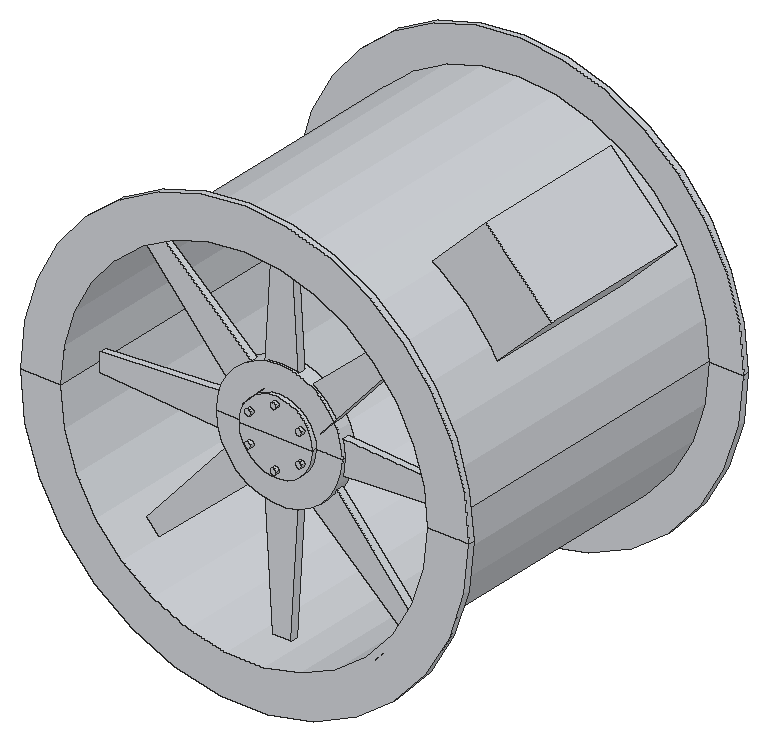
Revit family "CADS_Vent-Axia_MechEquip_Fan_LCA_315_1Ph4P - SUPPLY", category Mechanical Equipment, Revit 2020
Family settings
  Round Connector Dimension = Use Diameter
  Part Type = Normal
  OmniClass Number = 23.75.00.00
  OmniClass Title = Climate Control (HVAC)
  Work Plane-Based = No
  Always vertical = Yes
  Cut with Voids When Loaded = No
  Shared = No
  Room Calculation Point = No
Parameters (values of type "LCA311410")
  nr = NominalDiameter / 2  # 157.5 mm
  WorkingPressure = 0.0 Pa
  WarrantyStartDate [instance] = "1900-12-31T23:59:59"
  WarrantyPeriod = ""
  WarrantyIdentifier = "N/A"
  WarrantyGuarantorParts = "tech@vent-axia.com"
  WarrantyGuarantorLabor = "tech@vent-axia.com"
  WarrantyGuarantor = "Vent-Axia Limited"
  WarrantyEndDate [instance] = "1900-12-31T23:59:59"
  WarrantyContent = ""
  TemperatureRange = ""
  TagNumber [instance] = "N/A"
  SustainabilityPerformance = ""
  Status = "New"
  Size = ""
  Shape = ""
  ServiceLifeType = ""
  ServiceLifeDuration = ""
  SerialNumber [instance] = "N/A"
  ReplacementCost = ""
  RatedVoltage = 0 V
  RatedCurrent = 0 A
  Quantity = 1
  ProductionYear = ""
  PressureCurve = ""
  PowerFactor = ""
  PointOfContact = ""
  NumberOfPoles = 0
  NominalWidth = 315 mm
  NominalLength = 300 mm
  NominalHeight = 315 mm
  NominalFrequencyRange = ""
  NominalDiameter = 315 mm
  ModelReference = "LCAX 315mm 1PH 4P 10DEG"
  ModelNumber = "LCA311410"
  Material = ""
  ManufacturerE-Mail = "tech@vent-axia.com"
  ManufacturerAddress = "Fleming Way\nCrawley \nRH10 9YX"
  IsExtendedWarranty = no
  InsulationStandardClass = ""
  InstallationDate [instance] = "1900-12-31T23:59:59"
  IfcExportType [instance] = ""
  IfcExportAs = "IfcFanType"
  IP_Code = ""
  HasProtectiveEarth = no
  GrossWeight = 0.00 kg
  Grade = ""
  GlobalTradeItemNumber [instance] = "N/A"
  Fitting Type = "Ignore"
  Finish = ""
  Features = ""
  ExteriorInsulation = no
  ExpectedServiceLife = 0
  Exclusions = ""
  DurationUnit = "Year"
  Default Elevation = 0 mm
  Constituents = ""
  ConductorFunction = ""
  Color = ""
  CodePerformance = ""
  Category = ""
  CADS_Usage = 0
  CADS_Index = 0
  AssetType = "FIXED"
  AssetIdentifier [instance] = "N/A"
  AssemblyPlace = "UNKNOWN"
  ArticleNumber [instance] = "N/A"
  AirflowRateRange = 0.0 L/s
  Air Flow [instance] = 0.0 L/s
  AccessibilityPerformance = ""
Types (15, lengths in mm): name | ModelReference | ModelNumber
  LCA311410 | "LCAX 315mm 1PH 4P 10DEG" | "LCA311410"
  LCA311412 | "LCAX 315mm 1PH 4P 12DEG" | "LCA311412"
  LCA311414 | "LCAX 315mm 1PH 4P 14DEG" | "LCA311414"
  LCA311416 | "LCAX 315mm 1PH 4P 16DEG" | "LCA311416"
  LCA311418 | "LCAX 315mm 1PH 4P 18DEG" | "LCA311418"
  LCA311420 | "LCAX 315mm 1PH 4P 20DEG" | "LCA311420"
  LCA311422 | "LCAX 315mm 1PH 4P 22DEG" | "LCA311422"
  LCA311424 | "LCAX 315mm 1PH 4P 24DEG" | "LCA311424"
  LCA311426 | "LCAX 315mm 1PH 4P 26DEG" | "LCA311426"
  LCA311428 | "LCAX 315mm 1PH 4P 28DEG" | "LCA311428"
  LCA311430 | "LCAX 315mm 1PH 4P 30DEG" | "LCA311430"
  LCA311432 | "LCAX 315mm 1PH 4P 32DEG" | "LCA311432"
  LCA311434 | "LCAX 315mm 1PH 4P 34DEG" | "LCA311434"
  LCA311436 | "LCAX 315mm 1PH 4P 36DEG" | "LCA311436"
  LCA311438 | "LCAX 315mm 1PH 4P 38DEG" | "LCA311438"
Reference planes
  plane 1 "Center (Front/Back)": y = 0
  plane 2: z = 0
  plane 3 "Center (Left/Right)": x = 0
  plane 4: x = -157.5
  plane 5: x = 157.5
  plane 6 "F": y = -150
  plane 7 "B": y = 150
  plane 8: x = -192.5
  plane 9: y = 145
  plane 10: y = -145
  plane 11: x = -162.5
  plane 12: y = -110
  plane 13 "top": z = 157.5
  plane 14: z = -157.5
  plane 15 "45deg": through (0, -1524, 0) normal (-0.7071, 0, -0.7071)
  plane 16 "C": through (0, -1524, 0) normal (-0.7071, 0, 0.7071)
Forms (mm)
  Revolve 1, solid
    sketch origin (0, 0, 0) x (1, 0, 0) y (0, 1, 0)
      loop
        line (-192.5, -150) -> (-157.5, -150) -> (-157.5, 150) -> (-192.5, 150) -> (-192.5, 145) -> (-162.5, 145) -> (-162.5, -145) -> (-192.5, -145) -> (-192.5, -150)
      axis (0, 150) -> (0, -150)
    angle from 0 to 360
  Sweep 2, solid
    path origin (0, 0, 0) x (1, 0, 0) y (0, 0, 1)
      loop
        line (111.369, 111.369) -> (157.331, 157.331)
    profile origin (134.35, 0, 134.35) x (-0.707107, 0, 0.707107) y (0, -1, 0)
      loop
        line (37.5, 55) -> (-42.73, 55) -> (-42.73, -79.5) -> (37.5, -79.5) -> (37.5, 55)
Dimensions and locks
  equal spacing: plane 4, plane 3 "Center (Left/Right)", plane 5
  equal spacing: plane 7 "B", plane 1 "Center (Front/Back)", plane 6 "F"
  "NominalLength": plane 7 "B" to plane 6 "F"
  "NominalDiameter": plane 4 to plane 5
  locked: plane 11 to plane 4 at 5
  locked: plane 8 to plane 11 at 30
  locked: plane 6 "F" to plane 10 at 5
  locked: plane 7 "B" to plane 9 at 5
  locked: plane 6 "F" to plane 12 at 40
  equal spacing: plane 13 "top", level, plane 14
  "NominalDiameter": plane 13 "top" to plane 14
  "nr": Sweep 2 sketch curve to nested 13
  Sweep 2 sketch curve to Sweep 2 sketch curve = 65 mm
  aligned and locked: level to plane 2
  aligned and locked: nested 1 to plane 12
Automatic sketch dimensions
  plane 6 "F" to Revolve 1 sketch curve = 0 mm
  Revolve 1 sketch curve to plane 8 = 0 mm  (x2)
  plane 10 to Revolve 1 sketch curve = 0 mm
  Revolve 1 sketch curve to plane 11 = 0 mm
  Revolve 1 sketch curve to plane 4 = 0 mm
  Revolve 1 sketch curve to plane 3 "Center (Left/Right)" = 0 mm
  plane 1 "Center (Front/Back)" to Revolve 1 sketch curve = 0 mm
  Revolve 1 sketch curve to plane 9 = 0 mm
  Revolve 1 sketch curve to plane 7 "B" = 0 mm
  plane 6 "F" to Revolve 1 sketch curve = 115 mm
  plane 1 "Center (Front/Back)" to Sweep 2 sketch curve = 55 mm
  Sweep 2 sketch curve to profile plane = 37.5 mm
  Sweep 2 sketch curve to Sweep 2 sketch curve = 80.23 mm
  Sweep 2 sketch curve to Sweep 2 sketch curve = 134.5 mm
  Sweep 2 sketch curve to plane 16 "C" = 0 mm  (x2)
Nested families
  nested 1: "Fan for ESC" at (0, -110, 0), ND <- "NominalDiameter", type "Fan for ESC"
    with hub 31.5 mm, ND 315 mm, BoltPCD 25.2 mm, Bolt Count 6, B_Diam 5 mm
  nested 2: "Bolts" at (21.824, -119.172, -12.6) x (-0.5, 0, -0.866) z (0, 1, 0), type "Bolts"
    with bd 5 mm
  nested 3: "Bolts" at (0, -119.172, -25.2) x (-1, 0, 0) z (0, 1, 0), type "Bolts"
    with bd 5 mm
  nested 4: "Bolts" at (-21.824, -119.172, -12.6) x (-0.5, 0, 0.866) z (0, 1, 0), type "Bolts"
    with bd 5 mm
  nested 5: "Bolts" at (-21.824, -119.172, 12.6) x (0.5, 0, 0.866) z (0, 1, 0), type "Bolts"
    with bd 5 mm
  nested 6: "Bolts" at (21.824, -119.172, 12.6) x (0.5, 0, -0.866) z (0, 1, 0), type "Bolts"
    with bd 5 mm
  nested 7: "Bolts" at (0, -119.172, 25.2) x (1, 0, 0) z (0, 1, 0), type "Bolts"
    with bd 5 mm
  nested 8: "ESC Blade" at (0, -110, 0), type "ESC Blade"
    with a 20.00°, HR 31.5 mm, HD 63 mm, BT 15.75 mm, BR 126 mm, BH 40 mm, BD 315 mm, BB 31.5 mm
  nested 9: "ESC Blade" at (0, -110, 0) x (0.7071, 0, -0.7071) z (0.7071, 0, 0.7071), type "ESC Blade"
    with a 20.00°, HR 31.5 mm, HD 63 mm, BT 15.75 mm, BR 126 mm, BH 40 mm, BD 315 mm, BB 31.5 mm
  nested 10: "ESC Blade" at (0, -110, 0) x (0, 0, -1) z (1, 0, 0), type "ESC Blade"
    with a 20.00°, HR 31.5 mm, HD 63 mm, BT 15.75 mm, BR 126 mm, BH 40 mm, BD 315 mm, BB 31.5 mm
  nested 11: "ESC Blade" at (0, -110, 0) x (-0.7071, 0, -0.7071) z (0.7071, 0, -0.7071), type "ESC Blade"
    with a 20.00°, HR 31.5 mm, HD 63 mm, BT 15.75 mm, BR 126 mm, BH 40 mm, BD 315 mm, BB 31.5 mm
  nested 12: "ESC Blade" at (0, -110, 0) x (-1, 0, 0) z (0, 0, -1), type "ESC Blade"
    with a 20.00°, HR 31.5 mm, HD 63 mm, BT 15.75 mm, BR 126 mm, BH 40 mm, BD 315 mm, BB 31.5 mm
  nested 13: "ESC Blade" at (0, -110, 0) x (-0.7071, 0, -0.7071) z (-0.7071, 0, 0.7071), type "ESC Blade"
    with a 20.00°, HR 31.5 mm, HD 63 mm, BT 15.75 mm, BR 126 mm, BH 40 mm, BD 315 mm, BB 31.5 mm
  nested 14: "ESC Blade" at (0, -110, 0) x (0, 0, -1) z (-1, 0, 0), type "ESC Blade"
    with a 20.00°, HR 31.5 mm, HD 63 mm, BT 15.75 mm, BR 126 mm, BH 40 mm, BD 315 mm, BB 31.5 mm
  nested 15: "ESC Blade" at (0, -110, 0) x (0.7071, 0, -0.7071) z (-0.7071, 0, -0.7071), type "ESC Blade"
    with a 20.00°, HR 31.5 mm, HD 63 mm, BT 15.75 mm, BR 126 mm, BH 40 mm, BD 315 mm, BB 31.5 mm
Connectors
  hvac at (0, -150, 0), driven by "NominalDiameter", driven by "Air Flow"
    settings: on Revolve 1, index 1, duct flow 0.0 L/s, flow factor 0, pres drop 0.0 Pa, loss coef 0, conn angle 0.00°, conn width 304.8 mm, conn height 304.8 mm, conn diameter 315 mm, duct sys type 1, conn prof type 0, flow config 1, flow direction 1, loss method 0, conn ref index -1, conn util no, is conn primary yes, conn desc ""
  hvac at (0, 150, 0), driven by "NominalDiameter", driven by "Air Flow"
    settings: on Revolve 1, index 2, duct flow 0.0 L/s, flow factor 0, pres drop 0.0 Pa, loss coef 0, conn angle 0.00°, conn width 304.8 mm, conn height 304.8 mm, conn diameter 315 mm, duct sys type 1, conn prof type 0, flow config 0, flow direction 2, loss method 0, conn ref index -1, conn util no, is conn primary no, conn desc ""
Definition of nested family "Fan for ESC"
  Parameters (values of type "Fan for ESC")
    hub [instance] = ND / 10  # 56.7 mm
    ND [instance] = 567 mm
    Model = "."
    Default Elevation = 0 mm
    BoltPCD [instance] = hub - (hub * 0.2)  # 45.36 mm
    Bolt Count [instance] = if(hub < 50 mm, 6, 8)  # 8
    B_Diam [instance] = if(hub < 50 mm, 5 mm, 10 mm)  # 10 mm
  Reference planes
    plane 1 "Center (Front/Back)": y = 0
    plane 2: z = 0
    plane 3 "Center (Left/Right)": x = 0
    plane 4 "back": y = 20
    plane 5 "bolts": y = -9.172
    plane 6 "B": z = 56.7
    plane 7: x = -79.287
    plane 8: x = -56.7
    plane 9 "hubface": y = -6.172
  Forms (mm)
    Revolve 1, solid
      sketch origin (0, 0, 0) x (1, 0, 0) y (0, 1, 0)
        loop
          line (0, 20) -> (-56.7, 20) -> (-56.7, 10.504) -> (-79.287, 10.504) -> (-79.287, -2.597) -> (-56.7, -2.597) -> (-56.7, -6.172) -> (0, -6.172) -> (0, 20)
        axis (0, 20) -> (0, -6.172)
      angle from 0 to 360
    Extrusion 2, solid, not visible
      sketch origin (0, -6.347, -4) x (-1, 0, 0) y (0, 0, 1)
        loop
          circle (0, 84) r 5
      from 0 to 3
  Lines and regions (mm)
    symbolic lines
      curve 1: circle (0, -9.172, 0) r 45.36 normal (0, 1, 0)
    model lines, not visible
      curve 2: line (0, -6.347, 85) -> (0, -6.347, 75)
  Dimensions and locks
    "hub": plane 6 "B" to plane 2
    "hub": nested 3 to plane 3 "Center (Left/Right)"
    "hub": nested 4 to plane 3 "Center (Left/Right)"
    "hub": nested 5 to plane 3 "Center (Left/Right)"
    "hub": plane 3 "Center (Left/Right)" to nested 6
    "hub": Revolve 1 sketch curve to Revolve 1 sketch curve
    "hub": plane 3 "Center (Left/Right)" to nested 7
    "hub": plane 3 "Center (Left/Right)" to nested 8
    "hub": plane 3 "Center (Left/Right)" to nested 9
    "hub": plane 8 to plane 3 "Center (Left/Right)"
    plane 7 to plane 8 = 22.587 mm
    diameter of Extrusion 2 sketch curve = 10 mm
    "BoltPCD": radius of curve 1
    "BoltPCD": radius of radial array
    aligned and locked: level to plane 2
    aligned and locked: plane 6 "B" to nested 1
  Automatic sketch dimensions
    Revolve 1 sketch curve to plane 7 = 0 mm
    Revolve 1 sketch curve to plane 8 = 0 mm  (x2)
    Revolve 1 sketch curve to plane 3 "Center (Left/Right)" = 0 mm
    Revolve 1 sketch curve to plane 9 "hubface" = 0 mm
    plane 4 "back" to Revolve 1 sketch curve = 0 mm
    plane 1 "Center (Front/Back)" to Revolve 1 sketch curve = 2.597 mm
    plane 4 "back" to Revolve 1 sketch curve = 9.496 mm
    Revolve 1 sketch curve to Revolve 1 sketch curve = 5 mm
    Revolve 1 sketch curve to plane 4 "back" = 45 mm
    curve 1 to level = 0 mm
    curve 1 to plane 3 "Center (Left/Right)" = 0 mm
  Nested families
    nested 1: "ESC Blade" at (0, 0, 0), BD <- "ND", HD <- "hub", type "ESC Blade"
      with a 20.00°, HR 56.7 mm, HD 113.4 mm, BT 28.35 mm, BR 226.8 mm, BH 40 mm, BD 567 mm, BB 56.7 mm
    nested 2: "ESC Blade" at (0, 0, 755), BD <- "ND", HD <- "hub", type "ESC Blade", not visible
      with a 20.00°, HR 56.7 mm, HD 113.4 mm, BT 28.35 mm, BR 226.8 mm, BH 40 mm, BD 567 mm, BB 56.7 mm
    nested 3: "ESC Blade" at (0, 0, 0) x (0.7071, 0, -0.7071) z (0.7071, 0, 0.7071), BD <- "ND", HD <- "hub", type "ESC Blade"
      with a 20.00°, HR 56.7 mm, HD 113.4 mm, BT 28.35 mm, BR 226.8 mm, BH 40 mm, BD 567 mm, BB 56.7 mm
    nested 4: "ESC Blade" at (0, 0, 0) x (0, 0, -1) z (1, 0, 0), BD <- "ND", HD <- "hub", type "ESC Blade"
      with a 20.00°, HR 56.7 mm, HD 113.4 mm, BT 28.35 mm, BR 226.8 mm, BH 40 mm, BD 567 mm, BB 56.7 mm
    nested 5: "ESC Blade" at (0, 0, 0) x (-0.7071, 0, -0.7071) z (0.7071, 0, -0.7071), BD <- "ND", HD <- "hub", type "ESC Blade"
      with a 20.00°, HR 56.7 mm, HD 113.4 mm, BT 28.35 mm, BR 226.8 mm, BH 40 mm, BD 567 mm, BB 56.7 mm
    nested 6: "ESC Blade" at (0, 0, 0) x (-1, 0, 0) z (0, 0, -1), BD <- "ND", HD <- "hub", type "ESC Blade"
      with a 20.00°, HR 56.7 mm, HD 113.4 mm, BT 28.35 mm, BR 226.8 mm, BH 40 mm, BD 567 mm, BB 56.7 mm
    nested 7: "ESC Blade" at (0, 0, 0) x (-0.7071, 0, -0.7071) z (-0.7071, 0, 0.7071), BD <- "ND", HD <- "hub", type "ESC Blade"
      with a 20.00°, HR 56.7 mm, HD 113.4 mm, BT 28.35 mm, BR 226.8 mm, BH 40 mm, BD 567 mm, BB 56.7 mm
    nested 8: "ESC Blade" at (0, 0, 0) x (0, 0, -1) z (-1, 0, 0), BD <- "ND", HD <- "hub", type "ESC Blade"
      with a 20.00°, HR 56.7 mm, HD 113.4 mm, BT 28.35 mm, BR 226.8 mm, BH 40 mm, BD 567 mm, BB 56.7 mm
    nested 9: "ESC Blade" at (0, 0, 0) x (0.7071, 0, -0.7071) z (-0.7071, 0, -0.7071), BD <- "ND", HD <- "hub", type "ESC Blade"
      with a 20.00°, HR 56.7 mm, HD 113.4 mm, BT 28.35 mm, BR 226.8 mm, BH 40 mm, BD 567 mm, BB 56.7 mm
    nested 10: "Bolts" at (0, -9.172, 45.36) x (1, 0, 0) z (0, 1, 0), bd <- "B_Diam", type "Bolts"
      with bd 10 mm
    nested 11: "Bolts" at (32.074, -9.172, 32.074) x (0.7071, 0, -0.7071) z (0, 1, 0), bd <- "B_Diam", type "Bolts"
      with bd 10 mm
    nested 12: "Bolts" at (-32.074, -9.172, 32.074) x (0.7071, 0, 0.7071) z (0, 1, 0), bd <- "B_Diam", type "Bolts"
      with bd 10 mm
    nested 13: "Bolts" at (-45.36, -9.172, 0) x (0, 0, 1) z (0, 1, 0), bd <- "B_Diam", type "Bolts"
      with bd 10 mm
    nested 14: "Bolts" at (-32.074, -9.172, -32.074) x (-0.7071, 0, 0.7071) z (0, 1, 0), bd <- "B_Diam", type "Bolts"
      with bd 10 mm
    nested 15: "Bolts" at (0, -9.172, -45.36) x (-1, 0, 0) z (0, 1, 0), bd <- "B_Diam", type "Bolts"
      with bd 10 mm
    nested 16: "Bolts" at (32.074, -9.172, -32.074) x (-0.7071, 0, -0.7071) z (0, 1, 0), bd <- "B_Diam", type "Bolts"
      with bd 10 mm
    nested 17: "Bolts" at (45.36, -9.172, 0) x (0, 0, -1) z (0, 1, 0), bd <- "B_Diam", type "Bolts"
      with bd 10 mm
  Definition of nested family "ESC Blade"
    Parameters (values of type "ESC Blade")
      a [instance] = 20.00°
      HR [instance] = HD / 2  # 30 mm
      HD [instance] = BD / 5  # 60 mm
      Default Elevation = 1219.2 mm
      BT [instance] = BD / 20  # 15 mm
      BR [instance] = (BD / 2) - HR  # 120 mm
      BH [instance] = 40 mm
      BD [instance] = 300 mm
      BB [instance] = BD / 10  # 30 mm
    Reference planes
      plane 1 "Center (Front/Back)": y = 0
      plane 2: z = 0
      plane 3 "Center (Left/Right)": x = 0
      plane 4 "Blade Bot": z = 30
      plane 5: x = -15
      plane 6: x = 15
      plane 7: x = -7.5
      plane 8: x = 7.5
    Forms (mm)
      Blend 1, solid
        base sketch origin (0, 0, 30) x (-1, 0, 0) y (0, -1, 0)
          loop
            line (15, 0) -> (-15, 0) -> (-15, -6) -> (15, -6) -> (15, 0)
        top sketch origin (0, 0, 30) x (-1, 0, 0) y (0, -1, 0)
          loop
            line (7.5, -6) -> (7.5, 0) -> (-7.5, 0) -> (-7.5, -6) -> (7.5, -6)
        from 0 to 120 <- "BR"
    Dimensions and locks
      "HR": plane 4 "Blade Bot" to level
      equal spacing: plane 8, plane 3 "Center (Left/Right)", plane 7
      "BT": plane 8 to plane 7
      equal spacing: plane 6, plane 3 "Center (Left/Right)", plane 5
      "BB": plane 6 to plane 5
      aligned and locked: level to plane 2
    Automatic sketch dimensions
      plane 1 "Center (Front/Back)" to Blend 1 sketch curve = 0 mm  (x2)
      Blend 1 sketch curve to plane 6 = 0 mm
      Blend 1 sketch curve to plane 5 = 0 mm
      Blend 1 sketch curve to plane 1 "Center (Front/Back)" = 6 mm  (x2)
      Blend 1 sketch curve to plane 8 = 0 mm
      Blend 1 sketch curve to plane 7 = 0 mm
  Definition of nested family "Bolts"
    Parameters
      bd [instance] = 10 mm
      Default Elevation = 1219.2 mm
    Reference planes
      plane 1 "Center (Front/Back)": y = 0
      plane 2: z = 0
      plane 3 "Center (Left/Right)": x = 0
    Forms (mm)
      Extrusion 1, solid
        sketch origin (0, 0, 0) x (1, 0, 0) y (0, 1, 0)
          loop
            line (-1219.2, 1219.2) -> (-1219.2, -1219.2) -> (1219.2, -1219.2) -> (1219.2, 1219.2) -> (-1219.2, 1219.2)
        from 0 to -304.8
      Extrusion 2, solid
        sketch origin (0, 0, 0) x (1, 0, 0) y (0, 1, 0)
          loop
            circle (0, 0) r 5
        from 0 to 3
    Dimensions and locks
      "bd": diameter of Extrusion 2 sketch curve
      aligned and locked: plane 2 to Extrusion 1
      aligned and locked: level to Extrusion 1
    Automatic sketch dimensions
      Extrusion 1 sketch curve to Extrusion 1 sketch curve = 2438.4 mm  (x2)
      plane 1 "Center (Front/Back)" to Extrusion 2 sketch curve = 0 mm
      Extrusion 2 sketch curve to plane 3 "Center (Left/Right)" = 0 mm
Definition of nested family "Bolts"
  Parameters
    bd [instance] = 10 mm
    Default Elevation = 1219.2 mm
  Reference planes
    plane 1 "Center (Front/Back)": y = 0
    plane 2: z = 0
    plane 3 "Center (Left/Right)": x = 0
  Forms (mm)
    Extrusion 1, solid
      sketch origin (0, 0, 0) x (1, 0, 0) y (0, 1, 0)
        loop
          line (-1219.2, 1219.2) -> (-1219.2, -1219.2) -> (1219.2, -1219.2) -> (1219.2, 1219.2) -> (-1219.2, 1219.2)
      from 0 to -304.8
    Extrusion 2, solid
      sketch origin (0, 0, 0) x (1, 0, 0) y (0, 1, 0)
        loop
          circle (0, 0) r 5
      from 0 to 3
  Dimensions and locks
    "bd": diameter of Extrusion 2 sketch curve
    aligned and locked: plane 2 to Extrusion 1
    aligned and locked: level to Extrusion 1
  Automatic sketch dimensions
    Extrusion 1 sketch curve to Extrusion 1 sketch curve = 2438.4 mm  (x2)
    plane 1 "Center (Front/Back)" to Extrusion 2 sketch curve = 0 mm
    Extrusion 2 sketch curve to plane 3 "Center (Left/Right)" = 0 mm
Definition of nested family "ESC Blade"
  Parameters (values of type "ESC Blade")
    a [instance] = 20.00°
    HR [instance] = HD / 2  # 30 mm
    HD [instance] = BD / 5  # 60 mm
    Default Elevation = 1219.2 mm
    BT [instance] = BD / 20  # 15 mm
    BR [instance] = (BD / 2) - HR  # 120 mm
    BH [instance] = 40 mm
    BD [instance] = 300 mm
    BB [instance] = BD / 10  # 30 mm
  Reference planes
    plane 1 "Center (Front/Back)": y = 0
    plane 2: z = 0
    plane 3 "Center (Left/Right)": x = 0
    plane 4 "Blade Bot": z = 30
    plane 5: x = -15
    plane 6: x = 15
    plane 7: x = -7.5
    plane 8: x = 7.5
  Forms (mm)
    Blend 1, solid
      base sketch origin (0, 0, 30) x (-1, 0, 0) y (0, -1, 0)
        loop
          line (15, 0) -> (-15, 0) -> (-15, -6) -> (15, -6) -> (15, 0)
      top sketch origin (0, 0, 30) x (-1, 0, 0) y (0, -1, 0)
        loop
          line (7.5, -6) -> (7.5, 0) -> (-7.5, 0) -> (-7.5, -6) -> (7.5, -6)
      from 0 to 120 <- "BR"
  Dimensions and locks
    "HR": plane 4 "Blade Bot" to level
    equal spacing: plane 8, plane 3 "Center (Left/Right)", plane 7
    "BT": plane 8 to plane 7
    equal spacing: plane 6, plane 3 "Center (Left/Right)", plane 5
    "BB": plane 6 to plane 5
    aligned and locked: level to plane 2
  Automatic sketch dimensions
    plane 1 "Center (Front/Back)" to Blend 1 sketch curve = 0 mm  (x2)
    Blend 1 sketch curve to plane 6 = 0 mm
    Blend 1 sketch curve to plane 5 = 0 mm
    Blend 1 sketch curve to plane 1 "Center (Front/Back)" = 6 mm  (x2)
    Blend 1 sketch curve to plane 8 = 0 mm
    Blend 1 sketch curve to plane 7 = 0 mm
